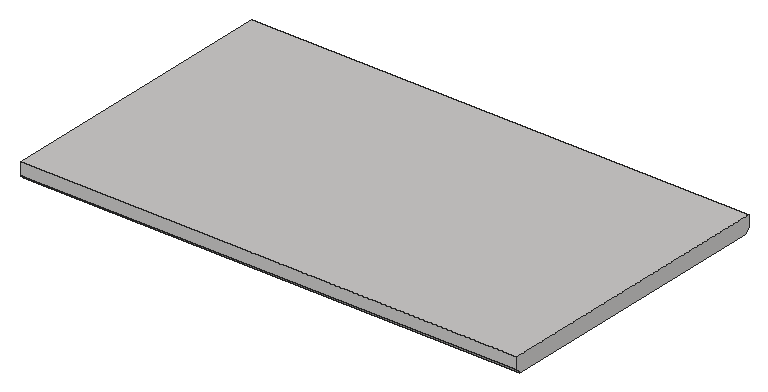
Revit family "QF_ELECTROLUXPROFESSIONAL_121108_TPLA12", category Attrezzature speciali, Revit 2020
Family settings
  Quota connettore circolare = Usa diametro
  Tipo di parte = Normale
  Basato su piano di lavoro = No
  Sempre verticale = Sì
  Taglio con vuoti quando caricato = No
  Condiviso = No
  Punto di calcolo locali = No
Parameters (values of type "Standard")
  Weight = 40.00 kg
  Watts = 0 W
  Volts = 0 V
  URL Manufacturer = "https://www.electroluxprofessional.com/"
  URL = "https://www.electroluxprofessional.com/"
  Steam Supply Size = 0 mm
  Steam Supply Minimum Pressure = 0.0 Pa
  Steam Supply Maximum Pressure = 0.0 Pa
  Steam Consumption per Hour = 0
  Refrigeration Suction Line Size = 0.0 mm
  Refrigeration Liquid Line Size = 0.0 mm
  Refrigerant Compressor Remote = yes
  Prospetto di default = 0.0 mm
  Phase = 0
  Modello = "TPLA12"
  Produttore = "Electrolux Professional"
  Length Actual = 1200.0 mm  # constant formula
  Item Number = "121108"
  Hot Water Size = 0 mm
  Height Actual = 40.0 mm  # constant formula
  HP = "0 HP"
  Gas Size = 0 mm
  Gas KW = 0
  Gas Input Pressure = 0 W
  Direct Waste Size = 0 mm
  Descrizione = "WORK TOP 1200MM"
  Depth Actual = 700.0 mm  # constant formula
  Cycle = 0 Hz
  Condensate Return Size = 0 mm
  Compressed Air Volume = 0.0 L/s
  Compressed Air Size = 0 mm
  Compressed Air Pressure = 0.0 Pa
  Cold Water Size = 0 mm
  Accessory = yes
Reference planes
  plane 1 "Center (Front/Back)": y = 0
  plane 2: z = 0
  plane 3 "Center (Left/Right)": x = -100
  plane 4 "LEFT": x = -700
  plane 5 "RIGHT": x = 500
  plane 6 "BACK": y = 350
  plane 7 "FRONT": y = -350
  plane 8 "TOP": z = 860
  plane 9 "BaseTop": z = 900
Forms (mm)
  Extrusion 1, solid, material "QF_Finishes_Stainless Steel"
    sketch origin (-100, 0, 0) x (0, 1, 0) y (0, 0, 1)
      loop
        line (-350, 900) -> (-350, 870) -> (-340, 860) -> (340, 860) -> (350, 870) -> (350, 900) -> (-350, 900)
    from 600 to -600
Lines and regions (mm)
  symbolic lines
    curve 1: line (500, 350, 860) -> (-700, 350, 860)
    curve 2: line (-700, 350, 860) -> (-700, -350, 860)
    curve 3: line (-700, -350, 860) -> (500, -350, 860)
    curve 4: line (500, -350, 860) -> (500, 350, 860)
Dimensions and locks
  plane 4 "LEFT" to plane 5 "RIGHT" = 1200.0 mm
  equal spacing: plane 4 "LEFT", plane 3 "Center (Left/Right)", plane 5 "RIGHT"
  plane 6 "BACK" to plane 7 "FRONT" = 700.0 mm
  equal spacing: plane 6 "BACK", plane 1 "Center (Front/Back)", plane 7 "FRONT"
  locked: plane 9 "BaseTop" to plane 8 "TOP" at 40
  plane 8 "TOP" to level = 860.0 mm
  aligned and locked: level to plane 2
  aligned and locked: Extrusion 1 to plane 4 "LEFT"
  aligned and locked: plane 5 "RIGHT" to Extrusion 1
  aligned and locked: curve 2 to plane 4 "LEFT"
  aligned and locked: plane 9 "BaseTop" to Extrusion 1 sketch curve
Automatic sketch dimensions
  curve 3 to plane 7 "FRONT" = 0.0 mm
  curve 4 to plane 6 "BACK" = 0.0 mm
  curve 4 to plane 5 "RIGHT" = 0.0 mm
  Extrusion 1 sketch curve to plane 7 "FRONT" = 0.0 mm
  level to Extrusion 1 sketch curve = 860.0 mm
  Extrusion 1 sketch curve to plane 6 "BACK" = 0.0 mm
  plane 7 "FRONT" to Extrusion 1 sketch curve = 10.0 mm
  level to Extrusion 1 sketch curve = 870.0 mm  (x2)
  Extrusion 1 sketch curve to plane 6 "BACK" = 10.0 mm
